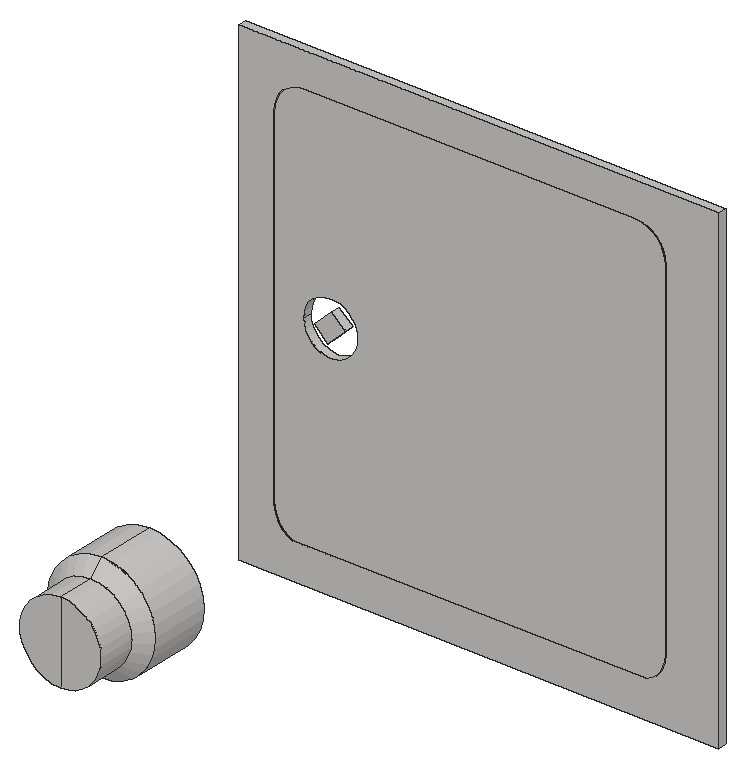
Revit family
Parameters (values of type "5509QT-06")
  Weight (lb) = 3.6
  Warranty = "1 year material and workmanship"  # constant formula
  URL = "http://www.jrsmith.com"
  Product URL = "http://www.jrsmith.com/products/hyd/submittal/d5509qt.pdf"
  Pipe Length [instance] = 6"
  Mounting Height = 18"
  Technical and Installation = "http://www.jrsmith.com/products/hyd/techdata/hydrants_technical_data.htm"
  SmartBIM Object Version = 3  # constant formula
  SmartBIM Object Created By = "Reed Construction Data"  # constant formula
  OmniClass Title = "Facility Water Distribution Piping"  # constant formula
  OmniClass Code = "22-22 11 13"  # constant formula
  Model = "5509QT"
  Material Finish = Stainless Steel
  Material = Stainless Steel
  Manufacturer = "Jay R. Smith Mfg. Co. "  # constant formula
  Maintenance = ""
  Flow Rate = ""
  Drop Down Door = yes
  Description = "Bronze quarter turn non-freeze hydrant with hose connection, integral vaccum braker, T handle key, and stainless steel box with 180 cover opening"  # constant formula
  Assembly Code = "D2020300"
  Action = "Key Quarter Turn"
  95 CSI = "15100"  # constant formula
  04 CSI = "22 11 13"  # constant formula
Types (6): name | Weight (lb) | Pipe Length | Technical and Installation
  (no name) | 3.6 | 6" | "http://www.jrsmith.com/products/hyd/techdata/hydrants_technical_data.htm"
  5509QT-06 | 3.6 | 6" | "http://www.jrsmith.com/products/hyd/techdata/hydrants_technical_data.htm"
  5509QT-12 | 4.06 | 12" | "http://jrsmith.com/products/hyd/hydrants_techdata/hydrants_technical_data.htm"
  5509QT-18 | 4.44 | 18" | "http://www.jrsmith.com/products/hyd/techdata/hydrants_technical_data.htm"
  5509QT-24 | 5.03 | 24" | "http://www.jrsmith.com/products/hyd/techdata/hydrants_technical_data.htm"
  5509QT-SAP | 3.28 | 24" | "http://www.jrsmith.com/products/hyd/techdata/hydrants_technical_data.htm"
Reference planes (in)
  plane 1: y = 0
  plane 2 "Center (Left/Right)": x = -3.49752
  plane 3 "Back": y = 3
  plane 4: x = -6.99752
  plane 5: x = 0.00248
  plane 6: z = 25
  plane 7: z = 21.5
  plane 8: z = 18
  plane 9: y = 3.125
  plane 10: y = -3
  plane 11: x = -4.25887
  plane 12: x = -2.38618
Forms (in)
  Extrusion 1, solid, material "Stainless Steel" <- "Material Finish"
    sketch origin (-60, 3, 0) x (-1, 0, 0) y (0, 0, 1)
      loop
        line (-60.00248, 25) -> (-60.00248, 18) -> (-53.00248, 18) -> (-53.00248, 25) -> (-60.00248, 25)
      loop
        arc (-58.78184, 24.49985) -> (-59.09949, 24.36828) -> (-59.23106, 24.05063) r 0.44922
        line (-59.23106, 24.05063) -> (-59.23106, 18.94937)
        arc (-59.23106, 18.94937) -> (-59.15506, 18.69936) -> (-58.95278, 18.53394) r 0.44922
        line (-58.95278, 18.53394) -> (-53.79841, 18.53394)
        arc (-53.79841, 18.53394) -> (-53.59612, 18.69936) -> (-53.52012, 18.94937) r 0.44922
        line (-53.52012, 18.94937) -> (-53.52012, 24.05063)
        arc (-53.52012, 24.05063) -> (-53.6517, 24.36828) -> (-53.96934, 24.49985) r 0.44922
        line (-53.96934, 24.49985) -> (-58.78184, 24.49985)
    from 0 to 0.125
  Revolve 2, solid, material "Stainless Steel"
    sketch origin (-3.49752, -0.375, 0) x (0, 1, 0) y (0, 0, 1)
      loop
        line (-2.625, 21.5) -> (-4.2451, 21.5) -> (-4.2451, 20.9084) -> (-3.69517, 20.9084) -> (-3.5, 20.71323) -> (-2.625, 20.71323) -> (-2.625, 21.5)
      axis (-2.625, 21.5) -> (-4.2451, 21.5)
    angle from 0 to 360
  Extrusion 3, solid, material "Stainless Steel" <- "Material Finish"
    sketch origin (-60, 3, 0) x (-1, 0, 0) y (0, 0, 1)
      loop
        circle (-54.34978, 21.5) r 0.39453
      loop
        line (-54.11392, 21.47374) -> (-54.36916, 21.72898) -> (-54.5619, 21.53624) -> (-54.30666, 21.281) -> (-54.11392, 21.47374)
      loop
        line (-59.23106, 24.05063) -> (-59.23106, 18.94937)
        arc (-59.23106, 18.94937) -> (-59.15506, 18.69936) -> (-58.95278, 18.53394) r 0.44922
        line (-58.95278, 18.53394) -> (-53.79841, 18.53394)
        arc (-53.79841, 18.53394) -> (-53.59612, 18.69936) -> (-53.52012, 18.94937) r 0.44922
        line (-53.52012, 18.94937) -> (-53.52012, 24.05063)
        arc (-53.52012, 24.05063) -> (-53.6517, 24.36828) -> (-53.96934, 24.49985) r 0.44922
        line (-53.96934, 24.49985) -> (-58.78184, 24.49985)
        arc (-58.78184, 24.49985) -> (-59.09949, 24.36828) -> (-59.23106, 24.05063) r 0.44922
    from 0.125 to 0
  Sweep 4, solid, material "Stainless Steel" <- "Material Finish", visible <- "Drop Down Door"
    path origin (-60, 3.125, 0) x (-1, 0, 0) y (0, 0, 1)
      loop
        line (-55.56613, 18.60923) -> (-57.43883, 18.60923)
    profile origin (-3.49752, 3.125, 18.60923) x (0, 0, -1) y (0, 1, 0)
      loop
        arc (0.05194, 0) -> (-0.00422, 0.11543) -> (-0.06038, 0) r 0.07138
        line (-0.06038, 0) -> (0.05194, 0)
  Extrusion 5, void
    sketch origin (0, 0, 0) x (1, 0, 0) y (0, 1, 0)
      loop
        line (0.00248, 3) -> (-6.99752, 3) -> (-6.99752, 0) -> (0.00248, 0) -> (0.00248, 3)
    from 18 to 25
Text (in)
  text "Placement Side" at (0, 40.15149, 123.01588), in view "Right"
  text "Placement Side" at (-70.3804, 45.82615, 0), in view "Ref. Level"
  text "Placement Side" at (0, 47.49176, 113.10569), in view "Left"
Dimensions and locks (in)
  locked: plane 3 "Back" to host wall
  equal spacing: plane 8, plane 7, plane 6
  "Mounting Height": level to plane 8
  locked: plane 8 to plane 6 at 7
  equal spacing: plane 4, plane 2 "Center (Left/Right)", plane 5
  locked: plane 4 to plane 5 at 7
  locked: plane 9 to plane 3 "Back" at 0.125
  equal spacing: Sweep 4 sketch curve, plane 2 "Center (Left/Right)", Sweep 4 sketch curve
  aligned and locked: plane 5 to Extrusion 1 sketch curve
  aligned and locked: Extrusion 1 sketch curve to plane 6
  aligned and locked: plane 8 to Extrusion 1 sketch curve
  aligned and locked: plane 4 to Extrusion 1 sketch curve
  aligned and locked: plane 9 to Extrusion 1
  aligned and locked: plane 3 "Back" to Extrusion 1
  aligned and locked: host wall to plane 10
  aligned and locked: plane 7 to Revolve 2 sketch curve
  aligned and locked: Revolve 2 to plane 10
  aligned and locked: Extrusion 1 to Extrusion 3
  aligned and locked: Extrusion 3 to host wall
  aligned and locked: Extrusion 3 sketch curve to Extrusion 1  (x5)
  aligned and locked: Sweep 4 sketch curve to Extrusion 1
  aligned and locked: Extrusion 5 sketch curve to plane 3 "Back"
  aligned and locked: Extrusion 5 sketch curve to plane 4
  aligned and locked: host wall to Extrusion 5 sketch curve
  aligned and locked: plane 5 to Extrusion 5 sketch curve
  aligned and locked: plane 6 to Extrusion 5
  aligned and locked: plane 8 to Extrusion 5
Automatic sketch dimensions
  plane 5 to Extrusion 1 sketch curve = 0.77142"
  Extrusion 1 sketch curve to Extrusion 1 sketch curve = 0.27828"
  Extrusion 1 sketch curve to Extrusion 1 sketch curve = 115/256"  (x2)
  Extrusion 1 sketch curve to Extrusion 1 sketch curve = 0.17094"  (x2)
  plane 4 to Extrusion 1 sketch curve = 0.96686"  (x2)
  Extrusion 1 sketch curve to plane 8 = 0.53394"
  Extrusion 1 sketch curve to plane 6 = 0.94937"
  Revolve 2 sketch curve to plane 7 = 0"
  Revolve 2 sketch curve to host wall = 0"
  Revolve 2 sketch curve to Revolve 2 sketch curve = 7/8"
  Revolve 2 sketch curve to Revolve 2 sketch curve = 0.12255"
  Revolve 2 sketch curve to Revolve 2 sketch curve = 0.19517"  (x2)
  Revolve 2 sketch curve to Revolve 2 sketch curve = 0.54993"
  Revolve 2 sketch curve to Revolve 2 sketch curve = 0.46707"
  Revolve 2 sketch curve to plane 7 = 0.5916"
  Extrusion 3 sketch curve to plane 7 = 0"
  plane 7 to Extrusion 3 sketch curve = 0.03624"
  plane 4 to Extrusion 3 sketch curve = 1.55942"
  plane 7 to Extrusion 3 sketch curve = 0.22898"
  Extrusion 3 sketch curve to Extrusion 3 sketch curve = 0.19274"
  Extrusion 3 sketch curve to Extrusion 3 sketch curve = 0.21212"
  Extrusion 3 sketch curve to plane 7 = 0.219"
  Sweep 4 sketch curve to Extrusion 3 = 0.07529"
  profile plane to Sweep 4 sketch curve = 0.06038"
  profile plane to Sweep 4 sketch curve = 0.00422"
  Sweep 4 sketch curve to Sweep 4 sketch curve = 0.04405"
  Sweep 4 sketch curve to Extrusion 3 = 1.79223"
  radius of Extrusion 3 sketch curve = 101/256"
